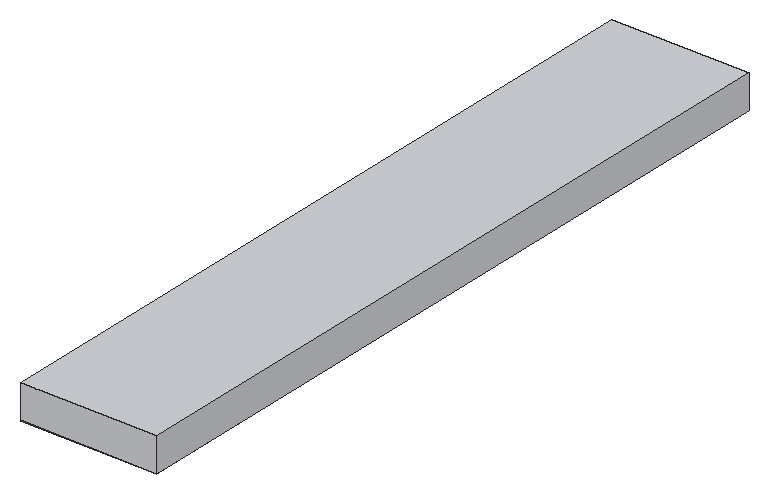
Revit family "ERK9584W_RAD770N", category 照明器具, Revit 2020
Family settings
  丸型コネクタ寸法 = 直径を使用
  パーツ タイプ = 標準
  OmniClass 番号 = 23.80.70.11.14.17
  OmniClass タイトル = Direct/Indirect
  作業面ベース = いいえ
  常に垂直 = はい
  ロード時にボイドで切り取り = はい
  光源 = はい
  共有 = いいえ
  部屋計算ポイント = いいえ
Parameters (values of type "ERK9584W_RAD770N")
  電源種別_記号 = "AC"
  電源種別 = ""
  防災用照明器具電源種別 = ""
  防災用照明器具種類 = ""
  運転質量 = 0.00 kg
  質量 = 0.00 kg
  負荷分類 = 8_照明
  積算_科目2 = "[1_1]照明"
  説明 = "ベースライト 逆富士 40Wタイプ W+230"
  誘導灯形式 = ""
  誘導灯仕様 = ""
  認定番号 = ""
  設置方法 = ""
  記号 = ""
  製造元 = "株式会社遠藤照明"
  製品質量 = 0.00 kg
  製品出荷対象 = ""
  製品リリース年月 = "2023.04"
  製品グループ = ""
  背面形式 = ""
  系統 [instance] = ""
  符号 = ""
  積算_科目 = "1 電灯設備"
  積算_拾い区分 = ""
  種別 [instance] = ""
  相 = 1
  皮相負荷 = 0 VA
  用途 = "E_一般照明"
  特殊仕様 [instance] = ""
  照明制御装置の種類 = ""
  法定耐用年数 = ""
  極数 = 1
  材質_本体 = none
  材質_反射板 = none
  材質_ルーバー = none
  材質_カバー = none
  材質 = ""
  既定の高さ = 0 mm
  形式 = "ベースライト"
  平均演色評価数(Ra) = 82
  定格消費電力 = 24.1 W
  定格入力電流 = 0 A
  定格入力電圧 = 0 V
  定格入力容量 = 0 VA
  定格光束 = 4057 lm
  安定器_蛍光灯 = ""
  安定器_定格電圧 = 0 V
  安定器_入力電流 = 0 A
  安定器_入力電力 = 0 W
  安定器_二次電圧 = 0 V
  埋込高さ = "0"
  埋込穴寸法 = "0"
  固有エネルギー消費効率(lm/W) = 168.3
  器具サイズ = ""
  呼称 = "ベースライト"
  周波数 = 0 Hz
  参照している仕様書等のバージョン = ""
  分類コード = "40305100000000"
  分類グループ = ""
  公共型番 = "LSS10-4-37"
  傾斜角 = 90.00°
  価格 = 25750
  企業コード = "6932"
  付属品 = ""
  仕様書バージョン = ""
  仕様 = ""
  Wattage = 27.3121 W
  built-in parameter 1150110 = 1 (stored number, unit not read)
  built-in parameter 1114217 = 1 (stored number, unit not read)
  built-in parameter 1150109 = 1 (stored number, unit not read)
  built-in parameter 1150134 = 2
  ランプの種類 = "LED"
  ランプ_電流 = 0 A
  ランプ_本数 = 0
  ランプ_定格消費電力 = 0 W
  ランプ_定格消費効率(lm/W) = 0
  ランプ_大きさ = ""
  ランプ_全光束 = 0 lm
  ランプ = "LED"
  モデル = "ERK9584W_RAD770N"
  フォトメトリック Web ファイル = "ERK9584W_RAD770N.IES"
  イメージ(タイプ) = <なし>
  シンボル表示 = yes
  built-in parameter 1150113 = 1 (stored number, unit not read)
  Lumens = 4057 lm
  built-in parameter 1150115 = 1 (stored number, unit not read)
  built-in parameter 1150105 = 322.85 (stored number, unit not read)
  built-in parameter 1150137 = (empty or 0)
  built-in parameter 1150139 = (empty or 0)
  built-in parameter 1150112 = 1 (stored number, unit not read)
  built-in parameter 1150114 = 1 (stored number, unit not read)
  built-in parameter 1150132 = 2
  built-in parameter 1150102 = (empty or 0)
  built-in parameter 1150138 = (empty or 0)
  built-in parameter 1150107 = 5000 (stored number, unit not read)
  built-in parameter 1150106 = 3.2285 (stored number, unit not read)
  built-in parameter 1150104 = 13.8 (stored number, unit not read)
  Dimming Lamp Color Temperature Shift = (empty or 0)
  サービススペース表示 = no
  コメント = ""
  グレア分類 = ""
  Keynote = ""
  Color Filter = 16777215
  built-in parameter 1114218 = 1 (stored number, unit not read)
  built-in parameter 1150133 = 10 (stored number, unit not read)
  カバー形状 = ""
  built-in parameter 1150142 = "IESNA:LM-63-2002\r\n[TEST] ERK9584W_RAD770N  HEC0K01(update:11111111)\r\n[MANUFAC] ENDO LIGHTING CORP.\r\n[LUMCAT] ERK9584W_RAD770N\r\n[LAMP] 40W4000lmÀ²Ìß_SD??°½Þ_5000K 5000K\r\n[LAMPCAT] 40W4000lmÀ²??_SD¼Ø°??_5000K 4136 lm x1 5000K\r\nTILT=NONE\r\n1 4136 1.0 37 19 1 2 0 0 0\r\n1 1 0\r\n0 5 10 15 20 25 30 35 40 45 50 55 60 65 70 75 80 85 90 95 100 105 110 115 120 125 130 135 140 145 150 155 160 165 170 175 180 \r\n0 5 10 15 20 25 30 35 40 45 50 55 60 65 70 75 80 85 90 \r\n1255.2586 1254.4306 1239.3609 1214.1895 1179.4132 1135.446 1083.4471 1023.5822 955.6857 882.3243 804.8725 722.7507 638.7826 555.3608 474.8372 397.2364 325.887 262.9088\r\n209.5768 166.4211 133.2346 109.8517 89.3254 67.6242 41.1983 18.1665 3.3142 2.9036 2.8281 3.2262 3.3476 3.5571 3.4021 3.5152 3.7499 3.9971\r\n4.1814\r\n1255.2586 1253.7682 1238.6985 1213.527 1178.5852 1135.032 1082.6191 1022.6714 955.2717 881.3306 803.6139 721.6992 637.9049 554.3755 473.7608 396.1517 324.794 261.8241\r\n208.5004 165.4358 132.3983 109.0816 88.6547 66.8698 40.5533 17.6498 3.2031 2.8868 2.8323 3.2136 3.3498 3.5613 3.4021 3.5237 3.7582 4.0013\r\n4.1647\r\n1255.2586 1252.9402 1237.4564 1212.5334 1177.3431 1133.5416 1081.1287 1021.0154 953.3673 879.5918 801.726 719.6043 635.3712 551.5934 470.7468 392.939 321.424 258.4872\r\n205.2961 162.4964 129.8812 106.8791 86.6592 64.6914 38.6679 16.1246 2.9161 2.8469 2.8365 3.1926 3.3519 3.5634 3.4042 3.5467 3.7729 3.9971\r\n4.1312\r\n1255.2586 1252.1122 1236.6284 1211.2086 1176.0183 1131.6372 1079.3071 1018.9454 950.8832 876.8594 798.5879 716.0439 631.4713 547.2381 465.8864 387.6646 315.9095 252.981\r\n199.9968 157.6608 125.7329 103.2939 83.372 61.1715 35.6598 13.6836 2.5642 2.8072 2.8575 3.1633 3.3498 3.5656 3.4084 3.5697 3.7876 3.9782\r\n4.106\r\n1255.2586 1251.2842 1235.966 1210.215 1174.6107 1130.3951 1077.4027 1016.4614 948.1508 873.1334 794.3982 711.2249 626.1058 541.2599 459.2872 380.4113 308.325 245.3302\r\n192.6689 150.9954 120.1024 98.3921 78.8321 56.2068 31.591 10.5745 2.3714 2.7841 2.9077 3.1444 3.3519 3.5719 3.4189 3.5907 3.7897 3.9636\r\n4.0934\r\n1255.2586 1249.7938 1234.0616 1208.145 1172.2923 1127.9111 1074.2563 1013.4806 944.5904 869.3245 789.7862 705.7766 619.49 533.7664 451.0154 371.386 298.778 235.6508\r\n183.4035 142.6573 113.0975 92.2317 73.1337 50.0265 26.6237 7.3532 2.3924 2.7694 2.9685 3.1424 3.3707 3.5781 3.4273 3.6075 3.7834 3.951\r\n4.0851\r\n1255.2586 1248.3033 1232.4056 1205.9922 1169.5599 1124.5163 1070.4474 1009.0921 939.7051 864.3565 784.3379 699.492 612.1124 525.0475 441.1042 360.6136 287.335 224.0918\r\n172.4325 132.8123 104.8505 84.9866 66.1785 42.7782 20.913 4.37 2.4322 2.7694 3.0334 3.1487 3.3917 3.5928 3.4314 3.6116 3.7813 3.9426\r\n4.0872\r\n1255.2586 1247.3097 1231.3292 1204.5846 1167.4899 1121.6183 1066.7214 1004.2897 934.3231 858.2292 777.631 692.3712 603.9897 515.6248 430.0834 348.2763 274.178 210.7692\r\n159.7557 121.5845 95.61 76.7157 58.0292 34.8177 14.5514 2.6878 2.4699 2.782 3.0921 3.1654 3.4126 3.6116 3.4377 3.6116 3.7813 3.9406\r\n4.0893\r\n1255.2586 1247.4753 1231.1636 1204.3362 1166.4134 1119.4655 1063.575 1000.0668 929.2722 852.1848 770.7255 683.9917 594.9147 505.4403 418.3919 334.8709 259.7044 196.0389\r\n145.8038 109.3714 85.5911 67.6656 48.6653 26.5426 8.2624 2.2583 2.5055 2.8198 3.1361 3.1969 3.4356 3.6242 3.4461 3.6095 3.775 3.9426\r\n4.0913\r\n1255.2586 1247.7237 1230.9152 1203.6738 1165.337 1117.6438 1060.8426 996.7548 924.6354 846.5543 763.5963 675.8193 585.1525 494.2953 405.7814 320.4801 243.9474 179.9259\r\n130.5933 96.2807 74.9562 57.9034 38.1695 18.0787 3.7394 2.3149 2.5599 2.8617 3.1884 3.2262 3.4566 3.6388 3.4608 3.6075 3.7792 3.9468\r\n4.0913\r\n1255.2586 1247.8893 1230.7496 1203.2598 1164.095 1115.7394 1058.3585 993.1944 920.247 841.2551 757.527 668.0692 575.8292 483.109 392.7734 305.5843 227.2962 162.8773\r\n114.6127 82.8504 63.8741 47.492 27.5064 9.5734 2.2687 2.3547 2.6165 2.9014 3.2492 3.2597 3.4733 3.6557 3.4733 3.6095 3.7792 3.9531\r\n4.0872\r\n1255.2586 1247.4753 1230.5012 1202.6802 1163.5154 1114.0834 1055.7917 989.634 915.8585 836.0387 751.2425 661.1553 567.2842 472.3614 379.6992 290.1668 209.9081 144.9012\r\n97.9118 69.1949 52.3731 35.9902 17.3244 3.4566 2.2667 2.4112 2.6584 2.9455 3.3057 3.3037 3.4859 3.6744 3.4881 3.6138 3.7834 3.9594\r\n4.0893\r\n1255.2586 1247.0613 1229.2592 1201.1897 1161.611 1111.5166 1052.6453 986.0735 911.6357 830.8222 744.9579 654.2414 558.9461 462.2018 367.0721 274.8735 192.1887 126.2793\r\n80.9062 55.7249 40.6833 23.84 7.7722 2.3463 2.3212 2.4887 2.6962 2.9999 3.3686 3.3519 3.4985 3.6933 3.5006 3.62 3.7813 3.9636\r\n4.0872\r\n1255.2586 1247.8893 1230.5012 1201.1897 1161.197 1110.937 1051.1549 983.7551 908.3237 827.0713 740.1389 648.3792 551.8832 453.5243 355.9685 260.6483 175.0076 107.6326\r\n64.0414 42.8825 28.9306 12.8209 2.7653 2.3463 2.3944 2.5453 2.7401 3.0565 3.4168 3.4021 3.5132 3.7143 3.5152 3.6305 3.7876 3.9657\r\n4.0913\r\n1255.2586 1250.4562 1232.654 1203.0942 1162.439 1111.765 1051.1549 982.6787 906.2537 823.9332 736.3632 643.3532 546.0623 446.1716 346.4381 247.8887 158.6875 89.2592\r\n47.617 30.6901 16.7804 4.0222 2.5977 2.3882 2.4552 2.6144 2.7988 3.1068 3.4566 3.4524 3.5341 3.7332 3.53 3.6409 3.7918 3.9677\r\n4.0913\r\n1255.2586 1250.8702 1232.8196 1203.0942 1162.025 1111.351 1051.1549 982.6787 905.8396 822.8816 734.2683 639.7844 541.2847 440.036 338.5389 237.0584 143.8165 71.6466\r\n32.0315 18.9589 6.3685 2.7234 2.6187 2.4092 2.539 2.671 2.826 3.1507 3.4881 3.5006 3.5676 3.7541 3.5446 3.6535 3.7981 3.9699\r\n4.0934\r\n1255.2586 1250.6218 1232.4056 1202.4318 1161.197 1110.2746 1049.3333 980.6087 903.6868 821.0021 732.1735 637.6896 538.4364 435.8877 332.6104 228.8446 131.976 55.9137\r\n18.2046 8.2749 2.891 2.6815 2.6396 2.5139 2.604 2.7234 2.8658 3.1843 3.5132 3.5341 3.6053 3.7708 3.5593 3.6682 3.8064 3.974\r\n4.0976\r\n1255.2586 1248.1377 1229.9216 1200.1133 1158.6302 1107.5422 1046.6008 977.8763 901.2028 817.8556 728.82 633.9222 534.6441 432.1203 328.2468 222.9988 123.5304 43.9928\r\n7.5208 3.0376 2.9119 2.8281 2.7653 2.5768 2.5851 2.7506 2.8784 3.1969 3.5237 3.5593 3.6347 3.7876 3.5697 3.6807 3.8127 3.9762\r\n4.1019\r\n1255.2586 1243.5009 1225.5331 1195.7249 1153.8277 1103.1537 1042.792 974.0674 897.808 814.9245 725.6819 630.991 531.8123 429.3299 325.6717 220.4651 120.5827 39.4678\r\n2.891 3.0586 2.9329 2.7653 2.6815 2.5558 2.5809 2.7485 2.8868 3.201 3.532 3.5656 3.6494 3.796 3.5781 3.687 3.8169 3.9762\r\n4.1019\r\n"
  diameter = 0 mm
  Width = 230 mm
  Version = ""
  Uniclass2015Version = ""
  Uniclass2015Title = ""
  Uniclass2015Code = ""
  URL = "https://www.endo-lighting.co.jp/"
  SpecificationReference = ""
  SpecificationDescription = ""
  Revision = ""
  ProductInformation = ""
  OmniClassCode = "23.80.70.11.14.17"
  LED制御装置 = ""
  IfcTypeProduct = ""
  IfcProduct = ""
  IfcExportType = ""
  IfcExportAs = "IfcLightFixtureType"
  Height = 57 mm
  Depth = 1250 mm
  Clearance Top = 0 mm
  Clearance Right = 0 mm
  Clearance Left = 0 mm
  Clearance Front = 0 mm
  Clearance Bottom = 0 mm
  Clearance Back = 0 mm
  Author = "遠藤照明"
Reference planes
  plane 1 "光源軸(正面/背面)": y = 0
  plane 2: z = 0
  plane 3 "光源軸(左/右)": x = 0
  plane 4 "光源高さ": z = -157
  plane 5: x = 115
  plane 6: x = -115
  plane 7: y = 625
  plane 8: y = -625
  plane 9: z = -57
  plane 10: z = 0
  plane 11: z = -59
Forms (mm)
  Extrusion 1, solid
    sketch origin (0, 0, 0) x (1, 0, 0) y (0, 0, 1)
      loop
        line (-115, -57) -> (115, -57) -> (115, 0) -> (-115, 0) -> (-115, -57)
    from 625 to -625
  Extrusion 2, solid, material "発光面"
    sketch origin (0, 0, 0) x (1, 0, 0) y (0, 0, 1)
      loop
        line (-115, -59) -> (115, -59) -> (115, -57) -> (-115, -57) -> (-115, -59)
    from 625 to -625
Lines and regions (mm)
  symbolic lines, detail levels fine
    curve 1: line (115, 625, 0) -> (-115, 625, 0)
    curve 2: line (115, -625, 0) -> (115, 625, 0)
    curve 3: line (-115, 625, 0) -> (-115, -625, 0)
    curve 4: line (-115, -625, 0) -> (115, -625, 0)
Dimensions and locks
  equal spacing: plane 6, plane 3 "光源軸(左/右)", plane 5
  "Width": plane 6 to plane 5
  equal spacing: plane 8, plane 1 "光源軸(正面/背面)", plane 7
  "Depth": plane 8 to plane 7
  "Height": plane 2 to plane 9
  locked: plane 9 to plane 4 "光源高さ" at 100
  locked: plane 9 to plane 11 at 2
  aligned and locked: plane 3 "光源軸(左/右)" to imposter light
  aligned and locked: plane 1 "光源軸(正面/背面)" to imposter light
  aligned and locked: plane 4 "光源高さ" to imposter light
  aligned and locked: level to plane 2
  aligned and locked: plane 6 to Extrusion 1 sketch curve
  aligned and locked: plane 2 to Extrusion 1 sketch curve
  aligned and locked: plane 5 to Extrusion 1 sketch curve
  aligned and locked: plane 7 to Extrusion 1
  aligned and locked: plane 8 to Extrusion 1
  aligned and locked: Extrusion 2 sketch curve to plane 11
  aligned and locked: plane 6 to Extrusion 2 sketch curve
  aligned and locked: Extrusion 2 sketch curve to Extrusion 1  (x2)
  aligned and locked: plane 7 to Extrusion 2
  aligned and locked: plane 8 to Extrusion 2
  aligned and locked: curve 1 to Extrusion 1
  aligned and locked: curve 2 to Extrusion 1
  aligned and locked: curve 3 to Extrusion 1
  aligned and locked: curve 4 to Extrusion 1
Automatic sketch dimensions
  Extrusion 1 sketch curve to plane 9 = 0 mm
Nested families
  nested 1: "symbol_line" at (0, 0, 0) x (0, -1, 0) z (0, 0, 1), visible <- "シンボル表示", type "1/100", detail levels coarse+medium
Connectors
  electrical at (0, 0, 0), driven by "極数", driven by "負荷分類", driven by "定格入力電圧", driven by "皮相負荷"
    settings: on Extrusion 1, index 1, voltage 0 V, apparent load 0 VA, apparent load phase1 0 VA, apparent load phase2 0 VA, apparent load phase3 0 VA, power factor 1, load classification "8_照明", number of poles 1, system type 30, power factor state 1, is connector primary yes, connector utility no, sub classification motor no, connector description ""
Definition of nested family "symbol_line"
  Parameters (values of type "1/100")
    縮尺倍率 = if([縮尺1/50], 1.25, if([縮尺1/100], 1, if([縮尺1/200], 0.8, 0)))  # 1
    縮尺1/50 = no
    縮尺1/200 = no
    縮尺1/100 = yes
    W = 12 mm * 縮尺倍率  # 12 mm
    D = 1.5 mm * 縮尺倍率  # 1.5 mm
  Reference planes
    plane 1: y = 0
    plane 2: x = 0
  Lines and regions (mm)
    Masking region 1
      outline origin (0, 0, 0) x (1, 0, 0) y (0, 1, 0)
        loop
          line (-6, 0.75) -> (-6, -0.75) -> (6, -0.75) -> (6, 0.75) -> (-6, 0.75)
    reference lines
      curve 1: line (-304.8, 0.75, 0) -> (304.8, 0.75, 0)
      curve 2: line (304.8, -0.75, 0) -> (-304.8, -0.75, 0)
      curve 3: line (-6, -304.8, 0) -> (-6, 304.8, 0)
      curve 4: line (6, 304.8, 0) -> (6, -304.8, 0)
      curve 5: line (-6, 0.75, 0) -> (6, 0.75, 0)
      curve 6: line (-6, -0.75, 0) -> (-6, 0.75, 0)
      curve 7: line (6, 0.75, 0) -> (6, -0.75, 0)
    detail lines
      curve 8: line (-6, 0.75, 0) -> (6, 0.75, 0)
      curve 9: line (-6, -0.75, 0) -> (-6, 0.75, 0)
      curve 10: line (6, 0.75, 0) -> (6, -0.75, 0)
      curve 11: line (6, -0.75, 0) -> (-6, -0.75, 0)
  Dimensions and locks
    equal spacing: curve 2, plane 1, curve 1, locked at 0.75 each
    equal spacing: curve 3, plane 2, curve 4, locked at 6 each
    "W": curve 3 to curve 4
    "D": curve 2 to curve 1
    aligned and locked: curve 1 to curve 5
    aligned and locked: curve 3 to curve 6
    aligned and locked: curve 4 to curve 7
    aligned and locked: curve 9 to curve 6
    aligned and locked: curve 10 to curve 7
    aligned and locked: curve 1 to curve 8
    aligned and locked: curve 2 to curve 11
    aligned and locked: Masking region 1 sketch curve to curve 8
    aligned and locked: Masking region 1 sketch curve to curve 10
    aligned and locked: Masking region 1 sketch curve to curve 11
    aligned and locked: Masking region 1 sketch curve to curve 9
  Automatic sketch dimensions
    curve 1 to curve 5 = 298.8 mm
    curve 2 to curve 1 = 0 mm  (x2)
    curve 5 to curve 1 = 298.8 mm
    curve 4 to curve 7 = 304.05 mm
    curve 3 to curve 4 = 0 mm  (x2)
    curve 5 to curve 3 = 304.05 mm
